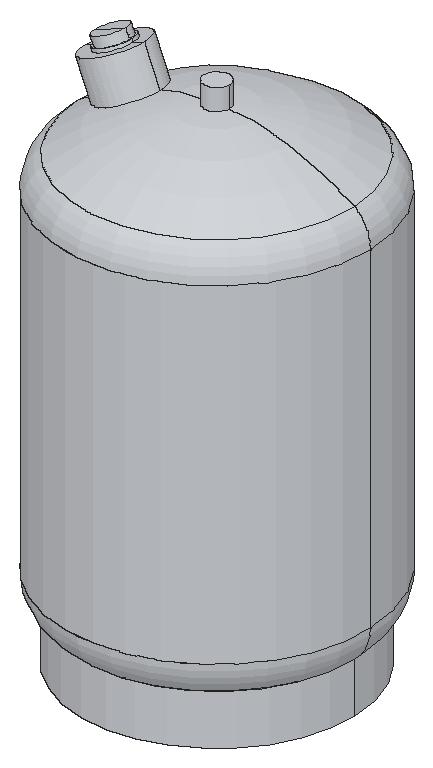
Revit family
Parameters (values of type "AX-15V 125# W.P.")
  Weight = "41 lbs"
  Tank Volume = "8 Gal"
  Tank Only/Less Stand = 19.250"
  Tank Height/Length = 19.500"
  Tank Diameter = 12.000"
  Pipe Connector Diameter = Pipe Connection Radius * 2  # 0.500"
  Pipe Connection Radius = 0.250"
  Model = "AX-15V"
  Maximum Acceptance Volume = "2.4 Gal"
  Max Operating Temp = "240 DEG F"
  Max Operating Pressure = "125 PSI"
  Manufacturer = "Amtrol"
  Floor to Bottom of Tank = 0.250"
  Bladder/Diaphragm = "Diaphragm"
  ASME = no
Types (6): name | Weight | Tank Volume | Tank Only/Less Stand | Tank Height/Length | Model | Max Operating Pressure
  (no name) | "41 lbs" | "8 Gal" | 19.250" | 19.500" | "AX-15V" | "125 PSI"
  AX-15V 125# W.P. | "41 lbs" | "8 Gal" | 19.250" | 19.500" | "AX-15V" | "125 PSI"
  AX-15V 150# W.P. 10 BAR | "41 lbs" | "8 Gal" | 19.250" | 19.500" | "AX-15V" | "150 PSI"
  AX-15V 175# W.P. | "41 lbs" | "8 Gal" | 19.250" | 19.500" | "AX-15V" | "175 PSI"
  AX-20V 125# W.P. | "49.42 lbs" | "10.9 Gal" | 26.250" | 26.500" | "AX-20V" | "125 PSI"
  AX-20V 150# W.P. 10 BAR | "49.42 lbs" | "10.9 Gal" | 26.250" | 26.500" | "AX-20V" | "150 PSI"
Reference planes (in)
  plane 1 "Center (Front/Back)": y = 0
  plane 2: z = 0
  plane 3 "Center (Left/Right)": x = 0
Forms (in)
  Revolve 1, solid
    sketch origin (0, 0, 0) x (1, 0, 0) y (0, 0, 1)
      loop
        line (5.99981, 3.28994) -> (5.99981, 16.50578)
        arc (5.99981, 16.50578) -> (5.82898, 17.20838) -> (5.35975, 17.75851) r 1.56022
        arc (5.35975, 17.75851) -> (2.81887, 19.05705) -> (0, 19.5) r 9.05087
        line (0, 19.5) -> (0, 0.25)
        arc (0, 0.25) -> (2.84629, 0.65538) -> (5.38035, 2.01342) r 8.24495
        arc (5.38035, 2.01342) -> (5.83677, 2.5805) -> (5.99981, 3.28994) r 1.625
      axis (0, 0.25) -> (0, 19.5)
    angle from 0 to 360
  Sweep 2, solid
    path origin (0, 0, 0) x (1, 0, 0) y (0, 0, 1)
      loop
        line (0, 19.50582) -> (0, 20.31859)
    profile origin (0, 0, 19.91221) x (-1, 0, 0) y (0, -1, 0)
      loop
        circle (0, 0) r 0.5
  Revolve 3, solid
    sketch origin (0, 0, 0) x (1, 0, 0) y (0, 0, 1)
      loop
        line (-5.375, 0) -> (-5.18945, 0) -> (-5.18945, 2.08664) -> (-5.375, 2.08664) -> (-5.375, 0)
      axis (0, 0) -> (0, 2.08664)
    angle from 0 to 360
  Revolve 4, solid
    sketch origin (0, 0, 0) x (1, 0, 0) y (0, 0, 1)
      loop
        line (-3.33687, 18.67086) -> (-2.17783, 19.13915) -> (-2.80057, 20.68048) -> (-3.26416, 20.49317) -> (-3.30563, 20.5958) -> (-3.40254, 20.55665) -> (-3.54231, 20.90259) -> (-4.14084, 20.66076) -> (-3.33687, 18.67086)
      axis (-3.33687, 18.67086) -> (-4.14084, 20.66076)
    angle from 0 to 360
Dimensions and locks (in)
  "Tank Only/Less Stand": Revolve 1 sketch curve to Revolve 1 sketch curve
  "Floor to Bottom of Tank": Revolve 1 sketch curve to level
  Revolve 1 sketch curve to Revolve 1 sketch curve = 7.49065"
  Revolve 1 sketch curve to Revolve 1 sketch curve = 5.99981"
  Sweep 2 sketch curve to Revolve 1 = 3.00003"
  Revolve 4 sketch curve to Revolve 1 = 2.16508"
  Revolve 4 sketch curve to Revolve 1 = 2.63336"
  Revolve 4 sketch curve to Revolve 4 sketch curve = 1.66238"
  Revolve 4 sketch curve to Revolve 4 sketch curve = 2.14618"
  Revolve 4 sketch curve to Revolve 4 sketch curve = 1.77307"
  aligned and locked: plane 3 "Center (Left/Right)" to Revolve 3 sketch curve
  aligned and locked: plane 3 "Center (Left/Right)" to import instance
  aligned and locked: plane 1 "Center (Front/Back)" to import instance
Automatic sketch dimensions
  Sweep 2 sketch curve to plane 3 "Center (Left/Right)" = 0.000"
  Sweep 2 sketch curve to Sweep 2 sketch curve = 0.81278"
  plane 1 "Center (Front/Back)" to Sweep 2 sketch curve = 0.000"
  Sweep 2 sketch curve to profile plane = 0.000"
  Revolve 3 sketch curve to level = 0.000"  (x2)
  Revolve 3 sketch curve to Revolve 3 sketch curve = 0.18555"
  level to Revolve 3 sketch curve = 2.08664"
  Revolve 3 sketch curve to Revolve 3 sketch curve = 4.000"
  Revolve 3 sketch curve to plane 3 "Center (Left/Right)" = 5.18945"
  Revolve 1 sketch curve to plane 3 "Center (Left/Right)" = 0.000"  (x2)
  plane 3 "Center (Left/Right)" to Revolve 1 sketch curve = 0.022"
  plane 3 "Center (Left/Right)" to Revolve 1 sketch curve = 0.2784"
  Revolve 1 sketch curve to Revolve 1 sketch curve = 1.625"
  Revolve 1 sketch curve to Revolve 1 sketch curve = 1.5602"
  Revolve 1 sketch curve to Revolve 1 sketch curve = 0.64006"
  Revolve 1 sketch curve to Revolve 1 sketch curve = 0.000"  (x3)
  Revolve 1 sketch curve to Revolve 1 sketch curve = 0.61946"
  Revolve 1 sketch curve to Revolve 1 sketch curve = 1.25273"
  Revolve 1 sketch curve to Revolve 1 sketch curve = 2.80284"
  Revolve 4 sketch curve to plane 3 "Center (Left/Right)" = 4.32815"
  Revolve 4 sketch curve to Revolve 4 sketch curve = 0.1873"
  Revolve 4 sketch curve to Revolve 4 sketch curve = 0.06567"
  Revolve 4 sketch curve to Revolve 4 sketch curve = 0.09692"
  Revolve 4 sketch curve to Revolve 4 sketch curve = 0.04147"
  Revolve 4 sketch curve to Revolve 4 sketch curve = 0.52444"
  Revolve 4 sketch curve to Revolve 4 sketch curve = 1.29804"
  Revolve 4 sketch curve to Revolve 4 sketch curve = 0.46359"
  radius of Sweep 2 sketch curve = 0.500"
Connectors (in)
  piping at (0, 0, 20.31859), driven by "Pipe Connection Radius"
    settings: on Sweep 2, index 1
